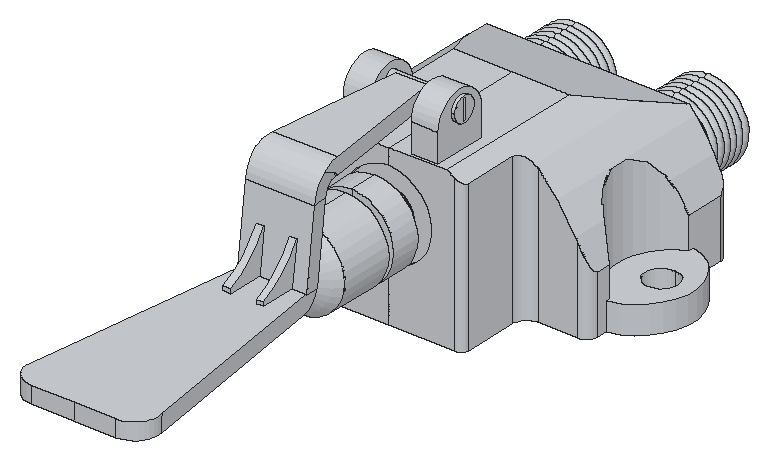
Revit family "II-VP07-11-VÁLVULA DE PEDAL LUGANO", category Plumbing Fixtures, host Face, Revit 2018
Family settings
  Host = Face
  Round Connector Dimension = Use Diameter
  Part Type = Normal
  OmniClass Number = 23.31.11.00
  Cut with Voids When Loaded = No
  Shared = No
  Room Calculation Point = No
Parameters (values of type "II-VP07-11")
  Waste Water Outlet = ""
  Waste Connection = 1 = 0  # no
  Vent Connection = 1 = 0  # no
  URL = "https://www.gricol.com/"
  Type Image = FOTO-VÁLVULA DE PEDAL LUGANO.jpg
  Product Name = "BRAZO ARCO MÓVIL LAVAPLATOS"  # constant formula
  Plastico ABS Cromado = Plastico - ABS Cromado
  Model = "II-VP07-11"  # constant formula
  Manufacturer = "Gricol"  # constant formula
  Link Ficha Tecnica = "https://infotecnica.gricol.com/FT_II-VP07-11.pdf"
  HW Connection = 1 = 1  # yes
  Profundidad = 162.00 mm
  Description = "ACCESORIOS DE SUMINISTRO EN\r\nFONTANERÍA"  # constant formula
  Default Elevation = 0.00 mm
  Date Modified = ""
  Date Created = "05/28/2020"  # constant formula
  Copyright = "All rights reserved © Gricol - 2020."  # constant formula
  CW Connection = 1 = 1  # yes
  Assembly Code = ""
  Ancho = 92.00 mm
  Alto = 53.00 mm
Reference planes
  plane 1 "Center (Front/Back)": y = 0
  plane 2: z = 0
  plane 3 "Center (Left/Right)": x = 0
  plane 4: y = -136.947
  plane 5: x = 45.998
  plane 6: x = -46.002
  plane 7: y = 25.053
  plane 8: x = -37.966
  plane 9: x = 38.034
  plane 10: x = 16.494
  plane 11: x = -16.506
  plane 12: z = 53
  plane 13: y = 41.053
Dimensions and locks
  "Profundidad": plane 7 to plane 4
  "Ancho": plane 5 to plane 6
  plane 6 to plane 5 = 92.00 mm
  plane 8 to plane 9 = 76.00 mm
  plane 11 to plane 10 = 33.00 mm
  plane 10 to plane 11 = 33.00 mm
  level to plane 12 = 53.00 mm
  plane 4 to plane 7 to plane 13 = 162.00 mm, 16.00 mm
  plane 12 to level = 53.00 mm
  "Alto": plane 12 to level
  aligned and locked: plane 2 to host face
  aligned and locked: level to host face
Automatic sketch dimensions
  host sketch curve to host sketch curve = 221.455 mm
  host sketch curve to host sketch curve = 297.197 mm
Nested families
  nested 1: "VÁLVULA DE PEDAL LUGANO " at (0, 0, 0), type "VÁLVULA DE PEDAL LUGANO "
Connectors
  piping at (16.506, 40.844, 17.25), diameter 12.7
    settings: on nested 1, index 1, connector inside diameter 24", connector length 0.00 mm, flow factor 0, pipe flow 0 GPM, pressure drop 0.00 psi, fitting loss kfactor 0, connector angle 0.00°, fixture units 0, engagement length 0.00 mm, angle of deflection 0.00°, flow configuration 0, flow direction 0, fitting loss method 0, system type 7, joint type 0, gender type 0, connector reference index -1, connector utility 0, adjustable connector no, is connector primary yes, connector description ""
  piping at (-16.506, 40.844, 17.25), diameter 12.7
    settings: on nested 1, index 2, connector inside diameter 24", connector length 0.00 mm, flow factor 0, pipe flow 0 GPM, pressure drop 0.00 psi, fitting loss kfactor 0, connector angle 0.00°, fixture units 0, engagement length 0.00 mm, angle of deflection 0.00°, flow configuration 0, flow direction 0, fitting loss method 0, system type 7, joint type 0, gender type 0, connector reference index -1, connector utility 0, adjustable connector no, is connector primary no, connector description ""
Definition of nested family "VÁLVULA DE PEDAL LUGANO "
  Parameters (values of type "VÁLVULA DE PEDAL LUGANO ")
    Metal Laton Cromado = none
    Material = none
  Reference planes
    plane 1 "Center (Front/Back)": y = 0
    plane 2: z = 0
    plane 3 "Center (Left/Right)": x = 0
    plane 4: z = 294
    plane 5: z = 200
    plane 6: z = -66.5
    plane 7: x = 45.998
    plane 8: x = -45.998
    plane 9: y = 24.303
    plane 10: x = 16.506
    plane 11: x = -16.506
    plane 12: y = -39.447
    plane 13: y = -18.197
    plane 14: y = -30.947
    plane 15: y = -136.947
    plane 16: through (0, 36.079, 21.269) normal (0, 0.342, 0.9397)
    plane 17: through (0, 24.303, 25.555) normal (0, 0.9397, -0.342)
    plane 18: through (0, 5.509, 32.396) normal (0, 0.9397, -0.342)
    plane 19: z = 26
    plane 20: x = -13.381
    plane 21: x = 13.494
  Forms (mm)
    Extrusion 1, solid
      sketch origin (-53.667, 24.303, 1219.2) x (-1, 0, 0) y (0, 0, 1)
        loop
          line (-53.667, -1179.2) -> (-68.193, -1179.2)
          arc (-68.193, -1179.2) -> (-82.178, -1191.695) -> (-89.621, -1208.909) r 43.606
          line (-89.621, -1208.909) -> (-89.621, -1219.2) -> (-53.667, -1219.2) -> (-17.713, -1219.2) -> (-17.713, -1208.909)
          arc (-17.713, -1208.909) -> (-25.157, -1191.695) -> (-39.141, -1179.2) r 43.606
          line (-39.141, -1179.2) -> (-53.667, -1179.2)
      from -63.75 to 0
    Extrusion 2, void
      sketch origin (0, 0, 0) x (1, 0, 0) y (0, 1, 0)
        loop
          line (-32.079, -18.996) -> (-22.079, -18.996)
          arc (-22.079, -18.996) -> (-19.579, -20.031) -> (-18.544, -22.531) r 3.536
          line (-18.544, -22.531) -> (-18.544, -36.285)
          arc (-18.544, -36.285) -> (-17.984, -37.637) -> (-16.632, -38.197) r 1.911
          line (-16.632, -38.197) -> (0, -38.197) -> (16.632, -38.197)
          arc (16.632, -38.197) -> (17.984, -37.637) -> (18.544, -36.285) r 1.911
          line (18.544, -36.285) -> (18.544, -22.531)
          arc (18.544, -22.531) -> (19.579, -20.031) -> (22.079, -18.996) r 3.536
          line (22.079, -18.996) -> (32.079, -18.996)
          arc (32.079, -18.996) -> (34.052, -18.178) -> (34.869, -16.206) r 2.79
          line (34.869, -16.206) -> (34.869, -12.554)
          arc (34.869, -12.554) -> (27.023, -0.054) -> (34.869, 12.446) r 13.88
          line (34.869, 12.446) -> (34.869, 22.446)
          arc (34.869, 22.446) -> (34.325, 23.759) -> (33.011, 24.303) r 1.857
          line (33.011, 24.303) -> (0, 24.303) -> (-33.011, 24.303)
          arc (-33.011, 24.303) -> (-34.325, 23.759) -> (-34.869, 22.446) r 1.857
          line (-34.869, 22.446) -> (-34.869, 12.446)
          arc (-34.869, 12.446) -> (-27.023, -0.054) -> (-34.869, -12.554) r 13.88
          line (-34.869, -12.554) -> (-34.869, -16.206)
          arc (-34.869, -16.206) -> (-34.052, -18.178) -> (-32.079, -18.996) r 2.79
        loop
          line (-42.288, 31.401) -> (-42.288, -48.599) -> (49.334, -48.599) -> (49.334, 31.401) -> (-42.288, 31.401)
      from 0 to 48.704
    Extrusion 3, void
      sketch origin (0, 24.303, 25.555) x (0, 0.34202, 0.939693) y (-1, 0, 0)
        loop
          line (5.43, -29.457) -> (20.217, -29.457) -> (20.217, 27.453) -> (5.43, 27.453) -> (5.43, -29.457)
      from 0 to 30
    Revolve 4, solid
      sketch origin (0, 0, 0) x (0, 1, 0) y (0, 0, 1)
        loop
          arc (-65.288, 35.68) -> (-69.224, 30.986) -> (-70.525, 25) r 12.787
          line (-70.525, 25) -> (-32.919, 25) -> (-32.919, 30.68) -> (-42.448, 30.68) -> (-42.448, 35.68) -> (-49.801, 35.68) -> (-49.801, 32.226) -> (-51.584, 32.226) -> (-51.584, 35.68) -> (-65.288, 35.68)
        axis (-32.919, 25) -> (-70.525, 25)
      angle from 0 to 360
    Extrusion 5, solid
      sketch origin (0, 48.283, 26) x (0, 1, 0) y (-1, 0, 0)
        loop
          arc (-178.113, 16.38) -> (-183.074, 15.231) -> (-185.23, 10.619) r 5.818
          line (-185.23, 10.619) -> (-185.23, 0) -> (-185.23, -10.619)
          arc (-185.23, -10.619) -> (-183.074, -15.231) -> (-178.113, -16.38) r 5.818
          line (-178.113, -16.38) -> (-119.075, -8.083)
          arc (-119.075, -8.083) -> (-118.879, -7.573) -> (-118.813, -7.03) r 2.247
          line (-118.813, -7.03) -> (-118.813, 0) -> (-118.813, 7.03)
          arc (-118.813, 7.03) -> (-118.879, 7.573) -> (-119.075, 8.083) r 2.247
          line (-119.075, 8.083) -> (-178.113, 16.38)
      from -4.179 to 0
    Extrusion 6, void
      sketch origin (0, 0.781, 0) x (0, -1, 0) y (0, 0, 1)
        loop
          arc (76.81, 21.821) -> (73.496, 23.048) -> (71.539, 25.99) r 5.707
          line (71.539, 25.99) -> (70.53, 25.99) -> (70.53, 19.847) -> (76.81, 19.847) -> (76.81, 21.821)
      from -13.25 to 30
    Sweep 7, solid
      path origin (0, 0.041, -0.619) x (0, 1, 0) y (0, 0, 1)
        loop
          line (-70.903, 26.03) -> (-68.222, 45.109)
          arc (-68.222, 45.109) -> (-67.115, 47.781) -> (-64.443, 48.888) r 3.779
          line (-64.443, 48.888) -> (-30.947, 48.888)
      profile origin (0, -69.521, 34.95) x (0, -0.990268, 0.139173) y (1, 0, 0)
        loop
          line (0, -8.099) -> (3.895, -8.652) -> (3.895, 8.652) -> (0, 8.099) -> (0, -8.099)
    Extrusion 8, void
      sketch origin (-8.099, -64.402, 48.268) x (0, -1, 0) y (1, 0, 0)
        loop
          line (20.517, -2.519) -> (-33.497, 4.113) -> (-33.497, -2.519) -> (20.517, -2.519)
      from -6.753 to 30
    Extrusion 9, void
      sketch origin (8.099, -64.402, 48.268) x (0, -1, 0) y (1, 0, 0)
        loop
          line (20.517, 2.519) -> (-33.497, 2.519) -> (-33.497, -4.113) -> (20.517, 2.519)
      from 0 to 30
    Extrusion 10, solid
      sketch origin (-13.381, 128.368, 1219.2) x (0, 1, 0) y (0, 0, 1)
        loop
          arc (-152.17, -1172.109) -> (-158.933, -1165.346) -> (-165.695, -1172.109) r 6.763
          line (-165.695, -1172.109) -> (-165.695, -1179.2) -> (-152.17, -1179.2) -> (-152.17, -1172.109)
      from 1.327 to 7.811
    Extrusion 11, solid
      sketch origin (-13.381, 128.368, 1219.2) x (0, 1, 0) y (0, 0, 1)
        loop
          arc (-152.17, -1172.109) -> (-158.933, -1165.346) -> (-165.695, -1172.109) r 6.763
          line (-165.695, -1172.109) -> (-165.695, -1179.2) -> (-152.17, -1179.2) -> (-152.17, -1172.109)
      from 18.492 to 25.149
    Extrusion 12, void
      sketch origin (-12.054, 128.368, 1219.2) x (0, 1, 0) y (0, 0, 1)
        loop
          circle (-158.768, -1169.499) r 2.577
      from 0 to 30
    Extrusion 13, solid
      sketch origin (-12.054, 128.368, 1219.2) x (0, -1, 0) y (0, 0, 1)
        loop
          circle (158.768, -1169.499) r 2.3
      from -23.822 to 0
    Extrusion 14, solid
      sketch origin (-12.054, 128.368, 1219.2) x (0, -1, 0) y (0, 0, 1)
        loop
          circle (158.768, -1169.499) r 3
        loop
          line (158.346, -1166.861) -> (158.346, -1172.223) -> (159.17, -1172.223) -> (159.17, -1166.861) -> (158.346, -1166.861)
      from 0 to 0.892
    Extrusion 15, solid
      sketch origin (-12.054, 128.368, 1219.2) x (0, -1, 0) y (0, 0, 1)
        loop
          circle (158.768, -1169.499) r 3
        loop
          line (158.346, -1166.861) -> (158.346, -1172.223) -> (159.17, -1172.223) -> (159.17, -1166.861) -> (158.346, -1166.861)
      from -24.879 to -23.822
    Extrusion 16, solid
      sketch origin (0, 0, 0) x (0, 1, 0) y (0, 0, 1)
        loop
          arc (-73.221, 36.616) -> (-77.612, 30.854) -> (-83.695, 26.918) r 21.08
          line (-83.695, 26.918) -> (-83.695, 26) -> (-74.713, 26) -> (-73.221, 36.616)
      from 3.22 to 5
    Extrusion 17, solid
      sketch origin (0, 0, 0) x (0, 1, 0) y (0, 0, 1)
        loop
          arc (-73.221, 36.616) -> (-77.612, 30.854) -> (-83.695, 26.918) r 21.08
          line (-83.695, 26.918) -> (-83.695, 26) -> (-74.713, 26) -> (-73.221, 36.616)
      from -5.176 to -3.206
    Extrusion 18, void
      sketch origin (0, -38.197, 0) x (-1, 0, 0) y (0, 0, 1)
        loop
          circle (0, 25) r 11
      from 0 to 0.869
    Extrusion 19, solid
      sketch origin (0, 48.283, 26) x (0, 1, 0) y (-1, 0, 0)
        loop
          arc (-34.774, 35.103) -> (-48.337, 45.998) -> (-61.9, 35.103) r 13.89
          line (-61.9, 35.103) -> (-61.9, 24.342) -> (-34.774, 24.342) -> (-34.774, 35.103)
        loop
          circle (-48.283, 37.966) r 4.126
      from -26 to -19.063
    Extrusion 20, solid
      sketch origin (0, 48.283, 26) x (0, 1, 0) y (-1, 0, 0)
        loop
          line (-34.774, -35.103) -> (-34.774, -24.342) -> (-61.9, -24.342) -> (-61.9, -35.103)
          arc (-61.9, -35.103) -> (-48.337, -45.998) -> (-34.774, -35.103) r 13.89
        loop
          circle (-48.283, -37.966) r 4.126
      from -26 to -19.063
    Revolve 21, solid
      sketch origin (-16.506, 128.368, 1219.2) x (0, 1, 0) y (0, 0, 1)
        loop
          line (-86.24, -1194.121) -> (-86.24, -1192.555)
          arc (-86.24, -1192.555) -> (-87.22, -1191.816) -> (-88.199, -1192.555) r 1.019
          arc (-88.199, -1192.555) -> (-89.179, -1191.816) -> (-90.158, -1192.555) r 1.019
          arc (-90.158, -1192.555) -> (-91.138, -1191.816) -> (-92.118, -1192.555) r 1.019
          arc (-92.118, -1192.555) -> (-93.097, -1191.816) -> (-94.077, -1192.555) r 1.019
          arc (-94.077, -1192.555) -> (-95.056, -1191.816) -> (-96.036, -1192.555) r 1.019
          arc (-96.036, -1192.555) -> (-97.015, -1191.816) -> (-97.995, -1192.555) r 1.019
          arc (-97.995, -1192.555) -> (-98.974, -1191.816) -> (-99.954, -1192.555) r 1.019
          arc (-99.954, -1192.555) -> (-100.934, -1191.816) -> (-101.913, -1192.555) r 1.019
          arc (-101.913, -1192.555) -> (-102.989, -1191.837) -> (-104.065, -1192.555) r 1.164
          line (-104.065, -1192.555) -> (-104.065, -1201.95) -> (-87.524, -1201.95) -> (-87.524, -1194.121) -> (-86.24, -1194.121)
        axis (-104.065, -1201.95) -> (-86.24, -1201.95)
      angle from 0 to 360
    Revolve 22, solid
      sketch origin (16.506, 128.368, 1219.2) x (0, 1, 0) y (0, 0, 1)
        loop
          line (-86.24, -1194.121) -> (-86.24, -1192.555)
          arc (-86.24, -1192.555) -> (-87.22, -1191.816) -> (-88.199, -1192.555) r 1.019
          arc (-88.199, -1192.555) -> (-89.179, -1191.816) -> (-90.158, -1192.555) r 1.019
          arc (-90.158, -1192.555) -> (-91.138, -1191.816) -> (-92.118, -1192.555) r 1.019
          arc (-92.118, -1192.555) -> (-93.097, -1191.816) -> (-94.077, -1192.555) r 1.019
          arc (-94.077, -1192.555) -> (-95.056, -1191.816) -> (-96.036, -1192.555) r 1.019
          arc (-96.036, -1192.555) -> (-97.015, -1191.816) -> (-97.995, -1192.555) r 1.019
          arc (-97.995, -1192.555) -> (-98.974, -1191.816) -> (-99.954, -1192.555) r 1.019
          arc (-99.954, -1192.555) -> (-100.934, -1191.816) -> (-101.913, -1192.555) r 1.019
          arc (-101.913, -1192.555) -> (-102.989, -1191.837) -> (-104.065, -1192.555) r 1.164
          line (-104.065, -1192.555) -> (-104.065, -1201.95) -> (-87.524, -1201.95) -> (-87.524, -1194.121) -> (-86.24, -1194.121)
        axis (-104.065, -1201.95) -> (-86.24, -1201.95)
      angle from 0 to 360
  Cuts and joins
    Extrusion 2, Extrusion 3, Extrusion 18 cuts Extrusion 1
    Extrusion 6 cuts Extrusion 5
    Extrusion 8, Extrusion 9 cuts Sweep 7
    Extrusion 12 cuts Extrusion 10
    Extrusion 12 cuts Extrusion 11
    Extrusion 18 cuts Revolve 4
  Dimensions and locks
    level to plane 4 = 294.00 mm  (x2)
    plane 4 to level = 294.00 mm
    plane 5 to level = 200.00 mm  (x2)
    plane 5 to plane 6 = 266.50 mm
    equal spacing: plane 8, plane 3 "Center (Left/Right)", plane 7
    plane 8 to plane 7 = 91.997 mm
    equal spacing: plane 11, plane 3 "Center (Left/Right)", plane 10
    plane 11 to plane 10 = 33.012 mm
    plane 14 to plane 15 = 106.00 mm
    plane 19 to level = 26.00 mm
    aligned and locked: plane 2 to level
  Automatic sketch dimensions
    Extrusion 1 sketch curve to level = 0.00 mm
    Extrusion 1 sketch curve to plane 3 "Center (Left/Right)" = 0.00 mm  (x2)
    level to Extrusion 1 sketch curve = 1.996 mm  (x2)
    Extrusion 1 sketch curve to plane 21 = 6.638 mm
    plane 21 to Extrusion 1 sketch curve = 1.032 mm
    Extrusion 1 sketch curve to plane 7 = 10.045 mm
    plane 20 to Extrusion 1 sketch curve = 6.525 mm
    Extrusion 1 sketch curve to plane 20 = 1.145 mm
    Extrusion 1 sketch curve to Extrusion 1 sketch curve = 29.098 mm
    Extrusion 1 sketch curve to Extrusion 1 sketch curve = 10.291 mm
    Extrusion 2 sketch curve to plane 9 = 0.00 mm
    Extrusion 2 sketch curve to plane 3 "Center (Left/Right)" = 0.00 mm  (x2)
    Extrusion 2 sketch curve to plane 11 = 0.126 mm
    Extrusion 2 sketch curve to Extrusion 2 sketch curve = 1.911 mm  (x2)
    Extrusion 2 sketch curve to plane 13 = 0.799 mm
    Extrusion 2 sketch curve to Extrusion 2 sketch curve = 3.536 mm  (x2)
    plane 13 to Extrusion 2 sketch curve = 1.991 mm
    Extrusion 2 sketch curve to Extrusion 2 sketch curve = 10.00 mm  (x2)
    plane 8 to Extrusion 2 sketch curve = 12.987 mm
    Extrusion 2 sketch curve to Extrusion 2 sketch curve = 1.857 mm
    plane 1 "Center (Front/Back)" to Extrusion 2 sketch curve = 0.054 mm  (x2)
    plane 8 to Extrusion 2 sketch curve = 5.095 mm
    plane 8 to Extrusion 2 sketch curve = 3.71 mm
    plane 10 to Extrusion 2 sketch curve = 0.126 mm
    Extrusion 2 sketch curve to plane 9 = 1.857 mm
    Extrusion 2 sketch curve to plane 7 = 12.987 mm
    Extrusion 2 sketch curve to Extrusion 2 sketch curve = 2.79 mm
    Extrusion 2 sketch curve to plane 7 = 5.095 mm
    plane 7 to Extrusion 2 sketch curve = 3.336 mm
    Extrusion 2 sketch curve to plane 13 = 4.334 mm
    plane 12 to Extrusion 2 sketch curve = 3.161 mm
    Extrusion 2 sketch curve to plane 12 = 9.152 mm
    Extrusion 2 sketch curve to Extrusion 2 sketch curve = 3.652 mm  (x2)
    plane 9 to Extrusion 2 sketch curve = 7.098 mm
    plane 16 to Extrusion 3 sketch curve = 5.43 mm
    Extrusion 3 sketch curve to Extrusion 3 sketch curve = 14.787 mm
    plane 10 to Extrusion 3 sketch curve = 12.951 mm
    Extrusion 3 sketch curve to plane 11 = 10.947 mm
    Revolve 4 sketch curve to plane 12 = 0.00 mm
    Revolve 4 sketch curve to plane 12 = 3.001 mm
    Revolve 4 sketch curve to Revolve 4 sketch curve = 7.353 mm
    Revolve 4 sketch curve to Revolve 4 sketch curve = 1.783 mm
    Revolve 4 sketch curve to plane 19 = 0.644 mm
    Revolve 4 sketch curve to Revolve 4 sketch curve = 6.158 mm
    Revolve 4 sketch curve to Revolve 4 sketch curve = 7.546 mm
    Revolve 4 sketch curve to plane 19 = 1.00 mm
    Revolve 4 sketch curve to Revolve 4 sketch curve = 5.236 mm
    Revolve 4 sketch curve to plane 14 = 1.972 mm
    plane 19 to Revolve 4 sketch curve = 4.68 mm
    Revolve 4 sketch curve to Revolve 4 sketch curve = 3.454 mm
    Revolve 4 sketch curve to Revolve 4 sketch curve = 0.00 mm  (x3)
    Extrusion 5 sketch curve to plane 3 "Center (Left/Right)" = 0.00 mm  (x2)
    Extrusion 5 sketch curve to plane 15 = 0.00 mm
    Extrusion 5 sketch curve to plane 21 = 2.784 mm
    plane 15 to Extrusion 5 sketch curve = 5.817 mm  (x2)
    plane 20 to Extrusion 5 sketch curve = 2.672 mm
    Extrusion 5 sketch curve to plane 10 = 0.126 mm
    Extrusion 5 sketch curve to Extrusion 5 sketch curve = 1.299 mm  (x2)
    plane 11 to Extrusion 5 sketch curve = 0.126 mm
    plane 20 to Extrusion 5 sketch curve = 6.351 mm
    Extrusion 5 sketch curve to plane 12 = 33.33 mm
    Extrusion 5 sketch curve to plane 21 = 6.464 mm
    Extrusion 5 sketch curve to Extrusion 5 sketch curve = 0.00 mm
    Extrusion 5 sketch curve to plane 21 = 5.411 mm
    Extrusion 5 sketch curve to Extrusion 5 sketch curve = 1.984 mm
    plane 20 to Extrusion 5 sketch curve = 5.298 mm
    Extrusion 6 sketch curve to plane 19 = 0.01 mm
    Extrusion 6 sketch curve to plane 12 = 30.302 mm
    Extrusion 6 sketch curve to Extrusion 6 sketch curve = 1.009 mm
    Extrusion 6 sketch curve to Extrusion 6 sketch curve = 6.28 mm
    plane 19 to Extrusion 6 sketch curve = 1.524 mm
    Extrusion 6 sketch curve to Extrusion 6 sketch curve = 0.226 mm
    Extrusion 6 sketch curve to Extrusion 6 sketch curve = 6.143 mm
    Sweep 7 sketch curve to plane 12 = 28.734 mm
    Sweep 7 sketch curve to Sweep 7 sketch curve = 3.779 mm
    plane 19 to Sweep 7 sketch curve = 18.49 mm
    Sweep 7 sketch curve to plane 19 = 0.589 mm
    Sweep 7 sketch curve to Sweep 7 sketch curve = 2.681 mm
    plane 14 to Sweep 7 sketch curve = 0.041 mm
    Sweep 7 sketch curve to profile plane = 0.00 mm
    Sweep 7 sketch curve to profile plane = 3.895 mm
    Sweep 7 sketch curve to plane 3 "Center (Left/Right)" = 8.652 mm
    Sweep 7 sketch curve to Sweep 7 sketch curve = 0.553 mm  (x2)
    plane 3 "Center (Left/Right)" to Sweep 7 sketch curve = 8.099 mm
    Extrusion 8 sketch curve to Sweep 7 = 0.00 mm
    Sweep 7 to Extrusion 8 sketch curve = 2.519 mm
    Sweep 7 to Extrusion 8 sketch curve = 20.517 mm
    Extrusion 8 sketch curve to Sweep 7 = 4.113 mm
    Extrusion 9 sketch curve to Sweep 7 = 0.00 mm
    Extrusion 9 sketch curve to Sweep 7 = 2.519 mm
    Sweep 7 to Extrusion 9 sketch curve = 20.517 mm
    Sweep 7 to Extrusion 9 sketch curve = 4.113 mm
    plane 12 to Extrusion 10 sketch curve = 2.119 mm
    plane 14 to Extrusion 10 sketch curve = 0.382 mm
    plane 19 to Extrusion 10 sketch curve = 14.00 mm
    Extrusion 10 sketch curve to Extrusion 10 sketch curve = 7.091 mm
    plane 12 to Extrusion 11 sketch curve = 2.119 mm
    plane 14 to Extrusion 11 sketch curve = 0.382 mm
    plane 19 to Extrusion 11 sketch curve = 14.00 mm
    Extrusion 11 sketch curve to Extrusion 11 sketch curve = 7.091 mm
    Extrusion 10 to Extrusion 12 sketch curve = 6.598 mm
    Extrusion 10 to Extrusion 12 sketch curve = 9.701 mm
    Extrusion 13 sketch curve to Extrusion 13 sketch curve = 0.00 mm  (x2)
    Extrusion 13 sketch curve to Extrusion 10 = 6.598 mm
    Extrusion 13 sketch curve to Extrusion 10 = 9.701 mm
    Extrusion 13 sketch curve to Extrusion 13 sketch curve = 2.30 mm
    Extrusion 14 sketch curve to Extrusion 14 sketch curve = 0.421 mm
    Extrusion 14 sketch curve to Extrusion 14 sketch curve = 0.824 mm
    Extrusion 14 sketch curve to Extrusion 14 sketch curve = 2.724 mm
    Extrusion 14 sketch curve to Extrusion 14 sketch curve = 2.638 mm
    Extrusion 15 sketch curve to Extrusion 15 sketch curve = 0.421 mm
    Extrusion 15 sketch curve to Extrusion 15 sketch curve = 0.824 mm
    Extrusion 15 sketch curve to Extrusion 15 sketch curve = 2.724 mm
    Extrusion 15 sketch curve to Extrusion 15 sketch curve = 2.638 mm
    Extrusion 16 sketch curve to plane 19 = 0.00 mm
    plane 19 to Extrusion 16 sketch curve = 20.322 mm
    plane 15 to Extrusion 16 sketch curve = 45.013 mm
    plane 19 to Extrusion 16 sketch curve = 0.918 mm
    Extrusion 16 sketch curve to Extrusion 16 sketch curve = 8.238 mm
    Extrusion 16 sketch curve to Extrusion 16 sketch curve = 8.983 mm
    plane 19 to Extrusion 16 sketch curve = 10.616 mm
    Extrusion 17 sketch curve to plane 19 = 0.00 mm
    plane 19 to Extrusion 17 sketch curve = 20.322 mm
    plane 15 to Extrusion 17 sketch curve = 45.013 mm
    plane 19 to Extrusion 17 sketch curve = 0.918 mm
    Extrusion 17 sketch curve to Extrusion 17 sketch curve = 8.238 mm
    Extrusion 17 sketch curve to Extrusion 17 sketch curve = 8.983 mm
    plane 19 to Extrusion 17 sketch curve = 10.616 mm
    Extrusion 18 sketch curve to Extrusion 18 sketch curve = 0.00 mm  (x2)
    Extrusion 18 sketch curve to Extrusion 2 = 0.00 mm
    Extrusion 18 sketch curve to Extrusion 2 = 23.704 mm
    Extrusion 18 sketch curve to Extrusion 18 sketch curve = 11.00 mm
    plane 1 "Center (Front/Back)" to Extrusion 19 sketch curve = 0.00 mm
    plane 1 "Center (Front/Back)" to Extrusion 19 sketch curve = 0.054 mm
    plane 13 to Extrusion 19 sketch curve = 4.58 mm
    Extrusion 19 sketch curve to plane 9 = 10.794 mm
    Extrusion 19 sketch curve to plane 11 = 7.836 mm
    plane 8 to Extrusion 19 sketch curve = 13.89 mm
    Extrusion 19 sketch curve to Extrusion 19 sketch curve = 10.761 mm
    Extrusion 19 sketch curve to Extrusion 19 sketch curve = 5.857 mm
    plane 1 "Center (Front/Back)" to Extrusion 20 sketch curve = 0.00 mm
    plane 1 "Center (Front/Back)" to Extrusion 20 sketch curve = 0.054 mm
    plane 13 to Extrusion 20 sketch curve = 4.58 mm
    Extrusion 20 sketch curve to plane 9 = 10.794 mm
    Extrusion 20 sketch curve to plane 7 = 8.032 mm
    Extrusion 20 sketch curve to plane 7 = 10.895 mm
    Extrusion 20 sketch curve to Extrusion 20 sketch curve = 5.857 mm
    plane 10 to Extrusion 20 sketch curve = 7.836 mm
    Revolve 21 sketch curve to plane 9 = 0.00 mm  (x2)
    plane 19 to Revolve 21 sketch curve = 0.199 mm
    plane 9 to Revolve 21 sketch curve = 1.076 mm
    plane 19 to Revolve 21 sketch curve = 0.365 mm  (x8)
    Revolve 21 sketch curve to Revolve 21 sketch curve = 2.055 mm
    Revolve 21 sketch curve to Revolve 21 sketch curve = 1.959 mm  (x6)
    Revolve 21 sketch curve to Revolve 21 sketch curve = 1.655 mm
    Revolve 21 sketch curve to Revolve 21 sketch curve = 0.304 mm
    Revolve 21 sketch curve to Revolve 21 sketch curve = 1.284 mm  (x2)
    Revolve 21 sketch curve to plane 19 = 0.921 mm
    Revolve 21 sketch curve to plane 19 = 8.75 mm
    plane 19 to Revolve 21 sketch curve = 0.645 mm  (x9)
    Revolve 21 sketch curve to Revolve 21 sketch curve = 0.00 mm
    Revolve 22 sketch curve to plane 9 = 0.00 mm  (x2)
    plane 19 to Revolve 22 sketch curve = 0.199 mm
    plane 9 to Revolve 22 sketch curve = 1.076 mm
    plane 19 to Revolve 22 sketch curve = 0.365 mm  (x8)
    Revolve 22 sketch curve to Revolve 22 sketch curve = 2.055 mm
    Revolve 22 sketch curve to Revolve 22 sketch curve = 1.959 mm  (x6)
    Revolve 22 sketch curve to Revolve 22 sketch curve = 1.655 mm
    Revolve 22 sketch curve to Revolve 22 sketch curve = 0.304 mm
    Revolve 22 sketch curve to Revolve 22 sketch curve = 1.284 mm  (x2)
    Revolve 22 sketch curve to plane 19 = 0.921 mm
    Revolve 22 sketch curve to plane 19 = 8.75 mm
    plane 19 to Revolve 22 sketch curve = 0.645 mm  (x9)
    Revolve 22 sketch curve to Revolve 22 sketch curve = 0.00 mm
    radius of Extrusion 12 sketch curve = 2.577 mm
    radius of Extrusion 13 to Extrusion 14 sketch curve = 0.70 mm
    radius of Extrusion 13 to Extrusion 15 sketch curve = 0.70 mm
    radius of Extrusion 19 sketch curve = 4.126 mm
    radius of Extrusion 20 sketch curve = 4.126 mm
